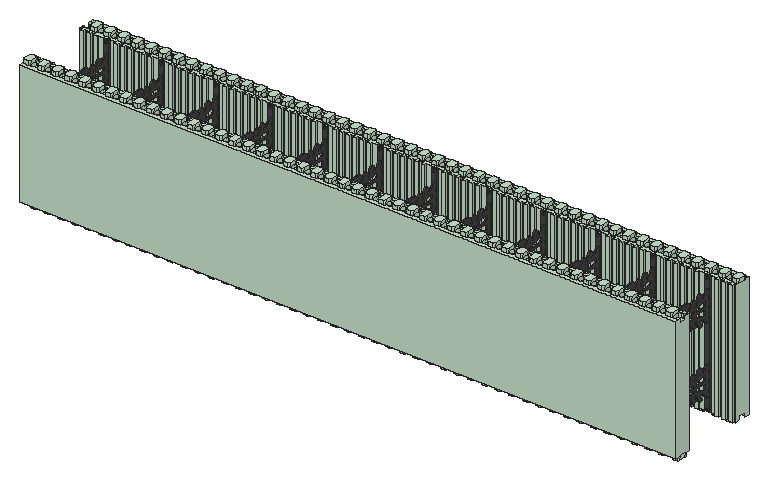
Revit family
Reference planes
  plane 1 "Center (Front/Back)": y = 0
  plane 2: z = 0
  plane 3 "Center (Left/Right)": x = 0
Forms (mm)
  Extrusion 1, solid, material "NUDURA Expanded Polystyrene Foam Insulation"
    sketch origin (0, 0.026, 0) x (1, 0, 0) y (0, 1, 0)
      loop
        line (7.142, 82.55) -> (5.558, 76.2) -> (19.842, 76.2) -> (18.258, 82.55) -> (32.542, 82.55) -> (30.958, 76.2) -> (45.242, 76.2) -> (43.658, 82.55) -> (57.942, 82.55) -> (56.358, 76.2) -> (70.642, 76.2) -> (69.058, 82.55) -> (134.142, 82.55) -> (132.558, 76.2) -> (146.842, 76.2) -> (145.258, 82.55) -> (159.542, 82.55) -> (157.958, 76.2) -> (172.242, 76.2) -> (170.658, 82.55) -> (184.942, 82.55) -> (183.358, 76.2) -> (197.642, 76.2) -> (196.058, 82.55) -> (210.342, 82.55) -> (208.758, 76.2) -> (223.042, 76.2) -> (221.458, 82.55) -> (235.742, 82.55) -> (234.158, 76.2) -> (248.442, 76.2) -> (246.858, 82.55) -> (261.142, 82.55) -> (259.558, 76.2) -> (273.842, 76.2) -> (272.258, 82.55) -> (337.342, 82.55) -> (335.758, 76.2) -> (350.042, 76.2) -> (348.458, 82.55) -> (362.742, 82.55) -> (361.158, 76.2) -> (375.442, 76.2) -> (373.858, 82.55) -> (388.142, 82.55) -> (386.558, 76.2) -> (400.842, 76.2) -> (399.258, 82.55) -> (413.542, 82.55) -> (411.958, 76.2) -> (426.242, 76.2) -> (424.658, 82.55) -> (438.942, 82.55) -> (437.358, 76.2) -> (451.642, 76.2) -> (450.058, 82.55) -> (464.342, 82.55) -> (462.758, 76.2) -> (477.042, 76.2) -> (475.458, 82.55) -> (540.542, 82.55) -> (538.958, 76.2) -> (553.242, 76.2) -> (551.658, 82.55) -> (565.942, 82.55) -> (564.358, 76.2) -> (578.642, 76.2) -> (577.058, 82.55) -> (591.342, 82.55) -> (589.758, 76.2) -> (604.042, 76.2) -> (602.458, 82.55) -> (616.742, 82.55) -> (615.158, 76.2) -> (629.442, 76.2) -> (627.858, 82.55) -> (642.142, 82.55) -> (640.558, 76.2) -> (654.842, 76.2) -> (653.258, 82.55) -> (667.542, 82.55) -> (665.958, 76.2) -> (680.242, 76.2) -> (678.658, 82.55) -> (743.742, 82.55) -> (742.158, 76.2) -> (756.442, 76.2) -> (754.858, 82.55) -> (769.142, 82.55) -> (767.558, 76.2) -> (781.842, 76.2) -> (780.258, 82.55) -> (794.542, 82.55) -> (792.958, 76.2) -> (807.242, 76.2) -> (805.658, 82.55) -> (819.942, 82.55) -> (818.358, 76.2) -> (832.642, 76.2) -> (831.058, 82.55) -> (845.342, 82.55) -> (843.758, 76.2) -> (858.042, 76.2) -> (856.458, 82.55) -> (870.742, 82.55) -> (869.158, 76.2) -> (883.442, 76.2) -> (881.858, 82.55) -> (946.942, 82.55) -> (945.358, 76.2) -> (959.642, 76.2) -> (958.058, 82.55) -> (972.342, 82.55) -> (970.758, 76.2) -> (985.042, 76.2) -> (983.458, 82.55) -> (997.742, 82.55) -> (996.158, 76.2) -> (1010.442, 76.2) -> (1008.858, 82.55) -> (1023.142, 82.55) -> (1021.558, 76.2) -> (1035.842, 76.2) -> (1034.258, 82.55) -> (1048.542, 82.55) -> (1046.958, 76.2) -> (1061.242, 76.2) -> (1059.658, 82.55) -> (1073.942, 82.55) -> (1072.358, 76.2) -> (1086.642, 76.2) -> (1085.058, 82.55) -> (1150.142, 82.55) -> (1148.558, 76.2) -> (1162.842, 76.2) -> (1161.258, 82.55) -> (1175.542, 82.55) -> (1173.958, 76.2) -> (1188.242, 76.2) -> (1186.658, 82.55) -> (1200.942, 82.55) -> (1199.358, 76.2) -> (1213.642, 76.2) -> (1212.058, 82.55) -> (1226.342, 82.55) -> (1224.758, 76.2) -> (1239.042, 76.2) -> (1237.458, 82.55) -> (1251.742, 82.55) -> (1250.158, 76.2) -> (1264.442, 76.2) -> (1262.858, 82.55) -> (1277.142, 82.55) -> (1275.558, 76.2) -> (1289.842, 76.2) -> (1288.258, 82.55) -> (1353.342, 82.55) -> (1351.758, 76.2) -> (1366.042, 76.2) -> (1364.458, 82.55) -> (1378.742, 82.55) -> (1377.158, 76.2) -> (1391.442, 76.2) -> (1389.858, 82.55) -> (1404.142, 82.55) -> (1402.558, 76.2) -> (1416.842, 76.2) -> (1415.258, 82.55) -> (1429.542, 82.55) -> (1427.958, 76.2) -> (1442.242, 76.2) -> (1440.658, 82.55) -> (1454.942, 82.55) -> (1453.358, 76.2) -> (1467.642, 76.2) -> (1466.058, 82.55) -> (1480.342, 82.55) -> (1478.758, 76.2) -> (1493.042, 76.2) -> (1491.458, 82.55) -> (1556.542, 82.55) -> (1554.958, 76.2) -> (1569.242, 76.2) -> (1567.658, 82.55) -> (1581.942, 82.55) -> (1580.358, 76.2) -> (1594.642, 76.2) -> (1593.058, 82.55) -> (1607.342, 82.55) -> (1605.758, 76.2) -> (1620.042, 76.2) -> (1618.458, 82.55) -> (1632.742, 82.55) -> (1631.158, 76.2) -> (1645.442, 76.2) -> (1643.858, 82.55) -> (1658.142, 82.55) -> (1656.558, 76.2) -> (1670.842, 76.2) -> (1669.258, 82.55) -> (1683.542, 82.55) -> (1681.958, 76.2) -> (1696.242, 76.2) -> (1694.658, 82.55) -> (1759.742, 82.55) -> (1758.158, 76.2) -> (1772.442, 76.2) -> (1770.858, 82.55) -> (1785.142, 82.55) -> (1783.558, 76.2) -> (1797.842, 76.2) -> (1796.258, 82.55) -> (1810.542, 82.55) -> (1808.958, 76.2) -> (1823.242, 76.2) -> (1821.658, 82.55) -> (1835.942, 82.55) -> (1834.358, 76.2) -> (1848.642, 76.2) -> (1847.058, 82.55) -> (1861.342, 82.55) -> (1859.758, 76.2) -> (1874.042, 76.2) -> (1872.458, 82.55) -> (1886.742, 82.55) -> (1885.158, 76.2) -> (1899.442, 76.2) -> (1897.858, 82.55) -> (1962.942, 82.55) -> (1961.358, 76.2) -> (1975.642, 76.2) -> (1974.058, 82.55) -> (1988.342, 82.55) -> (1986.758, 76.2) -> (2001.042, 76.2) -> (1999.458, 82.55) -> (2013.742, 82.55) -> (2012.158, 76.2) -> (2026.442, 76.2) -> (2024.858, 82.55) -> (2039.142, 82.55) -> (2037.558, 76.2) -> (2051.842, 76.2) -> (2050.258, 82.55) -> (2064.542, 82.55) -> (2062.958, 76.2) -> (2077.242, 76.2) -> (2075.658, 82.55) -> (2089.942, 82.55) -> (2088.358, 76.2) -> (2102.642, 76.2) -> (2101.058, 82.55) -> (2166.142, 82.55) -> (2164.558, 76.2) -> (2178.842, 76.2) -> (2177.258, 82.55) -> (2191.542, 82.55) -> (2189.958, 76.2) -> (2204.242, 76.2) -> (2202.658, 82.55) -> (2216.942, 82.55) -> (2215.358, 76.2) -> (2229.642, 76.2) -> (2228.058, 82.55) -> (2242.342, 82.55) -> (2240.758, 76.2) -> (2255.042, 76.2) -> (2253.458, 82.55) -> (2267.742, 82.55) -> (2266.158, 76.2) -> (2280.442, 76.2) -> (2278.858, 82.55) -> (2293.142, 82.55) -> (2291.558, 76.2) -> (2305.842, 76.2) -> (2304.258, 82.55) -> (2369.342, 82.55) -> (2367.758, 76.2) -> (2382.042, 76.2) -> (2380.458, 82.55) -> (2394.742, 82.55) -> (2393.158, 76.2) -> (2407.442, 76.2) -> (2405.858, 82.55) -> (2420.142, 82.55) -> (2418.558, 76.2) -> (2432.842, 76.2) -> (2431.258, 82.55) -> (2438.4, 82.55) -> (2438.4, 142.875) -> (0, 142.875) -> (0, 82.55) -> (7.142, 82.55)
      loop
        line (7.142, -133.35) -> (0, -133.35) -> (0, -193.675) -> (2438.4, -193.675) -> (2438.4, -133.35) -> (2431.258, -133.35) -> (2432.842, -127) -> (2418.558, -127) -> (2420.142, -133.35) -> (2405.858, -133.35) -> (2407.442, -127) -> (2393.158, -127) -> (2394.742, -133.35) -> (2380.458, -133.35) -> (2382.042, -127) -> (2367.758, -127) -> (2369.342, -133.35) -> (2304.258, -133.35) -> (2305.842, -127) -> (2291.558, -127) -> (2293.142, -133.35) -> (2278.858, -133.35) -> (2280.442, -127) -> (2266.158, -127) -> (2267.742, -133.35) -> (2253.458, -133.35) -> (2255.042, -127) -> (2240.758, -127) -> (2242.342, -133.35) -> (2228.058, -133.35) -> (2229.642, -127) -> (2215.358, -127) -> (2216.942, -133.35) -> (2202.658, -133.35) -> (2204.242, -127) -> (2189.958, -127) -> (2191.542, -133.35) -> (2177.258, -133.35) -> (2178.842, -127) -> (2164.558, -127) -> (2166.142, -133.35) -> (2101.058, -133.35) -> (2102.642, -127) -> (2088.358, -127) -> (2089.942, -133.35) -> (2075.658, -133.35) -> (2077.242, -127) -> (2062.958, -127) -> (2064.542, -133.35) -> (2050.258, -133.35) -> (2051.842, -127) -> (2037.558, -127) -> (2039.142, -133.35) -> (2024.858, -133.35) -> (2026.442, -127) -> (2012.158, -127) -> (2013.742, -133.35) -> (1999.458, -133.35) -> (2001.042, -127) -> (1986.758, -127) -> (1988.342, -133.35) -> (1974.058, -133.35) -> (1975.642, -127) -> (1961.358, -127) -> (1962.942, -133.35) -> (1897.858, -133.35) -> (1899.442, -127) -> (1885.158, -127) -> (1886.742, -133.35) -> (1872.458, -133.35) -> (1874.042, -127) -> (1859.758, -127) -> (1861.342, -133.35) -> (1847.058, -133.35) -> (1848.642, -127) -> (1834.358, -127) -> (1835.942, -133.35) -> (1821.658, -133.35) -> (1823.242, -127) -> (1808.958, -127) -> (1810.542, -133.35) -> (1796.258, -133.35) -> (1797.842, -127) -> (1783.558, -127) -> (1785.142, -133.35) -> (1770.858, -133.35) -> (1772.442, -127) -> (1758.158, -127) -> (1759.742, -133.35) -> (1694.658, -133.35) -> (1696.242, -127) -> (1681.958, -127) -> (1683.542, -133.35) -> (1669.258, -133.35) -> (1670.842, -127) -> (1656.558, -127) -> (1658.142, -133.35) -> (1643.858, -133.35) -> (1645.442, -127) -> (1631.158, -127) -> (1632.742, -133.35) -> (1618.458, -133.35) -> (1620.042, -127) -> (1605.758, -127) -> (1607.342, -133.35) -> (1593.058, -133.35) -> (1594.642, -127) -> (1580.358, -127) -> (1581.942, -133.35) -> (1567.658, -133.35) -> (1569.242, -127) -> (1554.958, -127) -> (1556.542, -133.35) -> (1491.458, -133.35) -> (1493.042, -127) -> (1478.758, -127) -> (1480.342, -133.35) -> (1466.058, -133.35) -> (1467.642, -127) -> (1453.358, -127) -> (1454.942, -133.35) -> (1440.658, -133.35) -> (1442.242, -127) -> (1427.958, -127) -> (1429.542, -133.35) -> (1415.258, -133.35) -> (1416.842, -127) -> (1402.558, -127) -> (1404.142, -133.35) -> (1389.858, -133.35) -> (1391.442, -127) -> (1377.158, -127) -> (1378.742, -133.35) -> (1364.458, -133.35) -> (1366.042, -127) -> (1351.758, -127) -> (1353.342, -133.35) -> (1288.258, -133.35) -> (1289.842, -127) -> (1275.558, -127) -> (1277.142, -133.35) -> (1262.858, -133.35) -> (1264.442, -127) -> (1250.158, -127) -> (1251.742, -133.35) -> (1237.458, -133.35) -> (1239.042, -127) -> (1224.758, -127) -> (1226.342, -133.35) -> (1212.058, -133.35) -> (1213.642, -127) -> (1199.358, -127) -> (1200.942, -133.35) -> (1186.658, -133.35) -> (1188.242, -127) -> (1173.958, -127) -> (1175.542, -133.35) -> (1161.258, -133.35) -> (1162.842, -127) -> (1148.558, -127) -> (1150.142, -133.35) -> (1085.058, -133.35) -> (1086.642, -127) -> (1072.358, -127) -> (1073.942, -133.35) -> (1059.658, -133.35) -> (1061.242, -127) -> (1046.958, -127) -> (1048.542, -133.35) -> (1034.258, -133.35) -> (1035.842, -127) -> (1021.558, -127) -> (1023.142, -133.35) -> (1008.858, -133.35) -> (1010.442, -127) -> (996.158, -127) -> (997.742, -133.35) -> (983.458, -133.35) -> (985.042, -127) -> (970.758, -127) -> (972.342, -133.35) -> (958.058, -133.35) -> (959.642, -127) -> (945.358, -127) -> (946.942, -133.35) -> (881.858, -133.35) -> (883.442, -127) -> (869.158, -127) -> (870.742, -133.35) -> (856.458, -133.35) -> (858.042, -127) -> (843.758, -127) -> (845.342, -133.35) -> (831.058, -133.35) -> (832.642, -127) -> (818.358, -127) -> (819.942, -133.35) -> (805.658, -133.35) -> (807.242, -127) -> (792.958, -127) -> (794.542, -133.35) -> (780.258, -133.35) -> (781.842, -127) -> (767.558, -127) -> (769.142, -133.35) -> (754.858, -133.35) -> (756.442, -127) -> (742.158, -127) -> (743.742, -133.35) -> (678.658, -133.35) -> (680.242, -127) -> (665.958, -127) -> (667.542, -133.35) -> (653.258, -133.35) -> (654.842, -127) -> (640.558, -127) -> (642.142, -133.35) -> (627.858, -133.35) -> (629.442, -127) -> (615.158, -127) -> (616.742, -133.35) -> (602.458, -133.35) -> (604.042, -127) -> (589.758, -127) -> (591.342, -133.35) -> (577.058, -133.35) -> (578.642, -127) -> (564.358, -127) -> (565.942, -133.35) -> (551.658, -133.35) -> (553.242, -127) -> (538.958, -127) -> (540.542, -133.35) -> (475.458, -133.35) -> (477.042, -127) -> (462.758, -127) -> (464.342, -133.35) -> (450.058, -133.35) -> (451.642, -127) -> (437.358, -127) -> (438.942, -133.35) -> (424.658, -133.35) -> (426.242, -127) -> (411.958, -127) -> (413.542, -133.35) -> (399.258, -133.35) -> (400.842, -127) -> (386.558, -127) -> (388.142, -133.35) -> (373.858, -133.35) -> (375.442, -127) -> (361.158, -127) -> (362.742, -133.35) -> (348.458, -133.35) -> (350.042, -127) -> (335.758, -127) -> (337.342, -133.35) -> (272.258, -133.35) -> (273.842, -127) -> (259.558, -127) -> (261.142, -133.35) -> (246.858, -133.35) -> (248.442, -127) -> (234.158, -127) -> (235.742, -133.35) -> (221.458, -133.35) -> (223.042, -127) -> (208.758, -127) -> (210.342, -133.35) -> (196.058, -133.35) -> (197.642, -127) -> (183.358, -127) -> (184.942, -133.35) -> (170.658, -133.35) -> (172.242, -127) -> (157.958, -127) -> (159.542, -133.35) -> (145.258, -133.35) -> (146.842, -127) -> (132.558, -127) -> (134.142, -133.35) -> (69.058, -133.35) -> (70.642, -127) -> (56.358, -127) -> (57.942, -133.35) -> (43.658, -133.35) -> (45.242, -127) -> (30.958, -127) -> (32.542, -133.35) -> (18.258, -133.35) -> (19.842, -127) -> (5.558, -127) -> (7.142, -133.35)
    from 0 to 457.2
  Extrusion 2, void
    sketch origin (0, 0.026, 0) x (1, 0, 0) y (0, 1, 0)
      loop
        arc (25.4, -175.211) -> (26.615, -178.947) -> (29.796, -181.253) r 6.35
        arc (29.796, -181.253) -> (38.1, -182.563) -> (46.404, -181.253) r 26.987
        arc (46.404, -181.253) -> (49.585, -178.947) -> (50.8, -175.211) r 6.35
        line (50.8, -175.211) -> (50.8, -151.814)
        arc (50.8, -151.814) -> (50.362, -149.496) -> (49.108, -147.498) r 6.35
        arc (49.108, -147.498) -> (48.795, -146.999) -> (48.685, -146.42) r 1.588
        line (48.685, -146.42) -> (48.685, -137.629) -> (44.346, -137.629) -> (44.346, -143.257)
        arc (44.346, -143.257) -> (43.786, -144.468) -> (42.5, -144.824) r 1.587
        arc (42.5, -144.824) -> (36.091, -144.537) -> (29.796, -145.772) r 26.988
        arc (29.796, -145.772) -> (26.615, -148.078) -> (25.4, -151.814) r 6.35
        line (25.4, -151.814) -> (25.4, -175.211)
    from 457.2 to 444.5
  Extrusion 3, void
    sketch origin (50.8, 0.026, 0) x (1, 0, 0) y (0, 1, 0)
      loop
        arc (25.4, -175.211) -> (26.615, -178.947) -> (29.796, -181.253) r 6.35
        arc (29.796, -181.253) -> (38.1, -182.563) -> (46.404, -181.253) r 26.987
        arc (46.404, -181.253) -> (49.585, -178.947) -> (50.8, -175.211) r 6.35
        line (50.8, -175.211) -> (50.8, -151.814)
        arc (50.8, -151.814) -> (50.362, -149.496) -> (49.108, -147.498) r 6.35
        arc (49.108, -147.498) -> (48.795, -146.999) -> (48.685, -146.42) r 1.588
        line (48.685, -146.42) -> (48.685, -137.629) -> (44.346, -137.629) -> (44.346, -143.257)
        arc (44.346, -143.257) -> (43.786, -144.468) -> (42.5, -144.824) r 1.587
        arc (42.5, -144.824) -> (36.091, -144.537) -> (29.796, -145.772) r 26.988
        arc (29.796, -145.772) -> (26.615, -148.078) -> (25.4, -151.814) r 6.35
        line (25.4, -151.814) -> (25.4, -175.211)
    from 457.2 to 444.5
  Extrusion 4, void
    sketch origin (101.6, 0.026, 0) x (1, 0, 0) y (0, 1, 0)
      loop
        arc (25.4, -175.211) -> (26.615, -178.947) -> (29.796, -181.253) r 6.35
        arc (29.796, -181.253) -> (38.1, -182.563) -> (46.404, -181.253) r 26.987
        arc (46.404, -181.253) -> (49.585, -178.947) -> (50.8, -175.211) r 6.35
        line (50.8, -175.211) -> (50.8, -151.814)
        arc (50.8, -151.814) -> (50.362, -149.496) -> (49.108, -147.498) r 6.35
        arc (49.108, -147.498) -> (48.795, -146.999) -> (48.685, -146.42) r 1.588
        line (48.685, -146.42) -> (48.685, -137.629) -> (44.346, -137.629) -> (44.346, -143.257)
        arc (44.346, -143.257) -> (43.786, -144.468) -> (42.5, -144.824) r 1.587
        arc (42.5, -144.824) -> (36.091, -144.537) -> (29.796, -145.772) r 26.988
        arc (29.796, -145.772) -> (26.615, -148.078) -> (25.4, -151.814) r 6.35
        line (25.4, -151.814) -> (25.4, -175.211)
    from 457.2 to 444.5
  Extrusion 5, void
    sketch origin (152.4, 0.026, 0) x (1, 0, 0) y (0, 1, 0)
      loop
        arc (25.4, -175.211) -> (26.615, -178.947) -> (29.796, -181.253) r 6.35
        arc (29.796, -181.253) -> (38.1, -182.563) -> (46.404, -181.253) r 26.987
        arc (46.404, -181.253) -> (49.585, -178.947) -> (50.8, -175.211) r 6.35
        line (50.8, -175.211) -> (50.8, -151.814)
        arc (50.8, -151.814) -> (50.362, -149.496) -> (49.108, -147.498) r 6.35
        arc (49.108, -147.498) -> (48.795, -146.999) -> (48.685, -146.42) r 1.588
        line (48.685, -146.42) -> (48.685, -137.629) -> (44.346, -137.629) -> (44.346, -143.257)
        arc (44.346, -143.257) -> (43.786, -144.468) -> (42.5, -144.824) r 1.587
        arc (42.5, -144.824) -> (36.091, -144.537) -> (29.796, -145.772) r 26.988
        arc (29.796, -145.772) -> (26.615, -148.078) -> (25.4, -151.814) r 6.35
        line (25.4, -151.814) -> (25.4, -175.211)
    from 457.2 to 444.5
  Extrusion 6, void
    sketch origin (203.2, 0.026, 0) x (1, 0, 0) y (0, 1, 0)
      loop
        arc (25.4, -175.211) -> (26.615, -178.947) -> (29.796, -181.253) r 6.35
        arc (29.796, -181.253) -> (38.1, -182.563) -> (46.404, -181.253) r 26.987
        arc (46.404, -181.253) -> (49.585, -178.947) -> (50.8, -175.211) r 6.35
        line (50.8, -175.211) -> (50.8, -151.814)
        arc (50.8, -151.814) -> (50.362, -149.496) -> (49.108, -147.498) r 6.35
        arc (49.108, -147.498) -> (48.795, -146.999) -> (48.685, -146.42) r 1.588
        line (48.685, -146.42) -> (48.685, -137.629) -> (44.346, -137.629) -> (44.346, -143.257)
        arc (44.346, -143.257) -> (43.786, -144.468) -> (42.5, -144.824) r 1.587
        arc (42.5, -144.824) -> (36.091, -144.537) -> (29.796, -145.772) r 26.988
        arc (29.796, -145.772) -> (26.615, -148.078) -> (25.4, -151.814) r 6.35
        line (25.4, -151.814) -> (25.4, -175.211)
    from 457.2 to 444.5
  Extrusion 7, void
    sketch origin (254, 0.026, 0) x (1, 0, 0) y (0, 1, 0)
      loop
        arc (25.4, -175.211) -> (26.615, -178.947) -> (29.796, -181.253) r 6.35
        arc (29.796, -181.253) -> (38.1, -182.563) -> (46.404, -181.253) r 26.987
        arc (46.404, -181.253) -> (49.585, -178.947) -> (50.8, -175.211) r 6.35
        line (50.8, -175.211) -> (50.8, -151.814)
        arc (50.8, -151.814) -> (50.362, -149.496) -> (49.108, -147.498) r 6.35
        arc (49.108, -147.498) -> (48.795, -146.999) -> (48.685, -146.42) r 1.588
        line (48.685, -146.42) -> (48.685, -137.629) -> (44.346, -137.629) -> (44.346, -143.257)
        arc (44.346, -143.257) -> (43.786, -144.468) -> (42.5, -144.824) r 1.587
        arc (42.5, -144.824) -> (36.091, -144.537) -> (29.796, -145.772) r 26.988
        arc (29.796, -145.772) -> (26.615, -148.078) -> (25.4, -151.814) r 6.35
        line (25.4, -151.814) -> (25.4, -175.211)
    from 457.2 to 444.5
  Extrusion 8, void
    sketch origin (304.8, 0.026, 0) x (1, 0, 0) y (0, 1, 0)
      loop
        arc (25.4, -175.211) -> (26.615, -178.947) -> (29.796, -181.253) r 6.35
        arc (29.796, -181.253) -> (38.1, -182.563) -> (46.404, -181.253) r 26.987
        arc (46.404, -181.253) -> (49.585, -178.947) -> (50.8, -175.211) r 6.35
        line (50.8, -175.211) -> (50.8, -151.814)
        arc (50.8, -151.814) -> (50.362, -149.496) -> (49.108, -147.498) r 6.35
        arc (49.108, -147.498) -> (48.795, -146.999) -> (48.685, -146.42) r 1.588
        line (48.685, -146.42) -> (48.685, -137.629) -> (44.346, -137.629) -> (44.346, -143.257)
        arc (44.346, -143.257) -> (43.786, -144.468) -> (42.5, -144.824) r 1.587
        arc (42.5, -144.824) -> (36.091, -144.537) -> (29.796, -145.772) r 26.988
        arc (29.796, -145.772) -> (26.615, -148.078) -> (25.4, -151.814) r 6.35
        line (25.4, -151.814) -> (25.4, -175.211)
    from 457.2 to 444.5
  Extrusion 9, void
    sketch origin (355.6, 0.026, 0) x (1, 0, 0) y (0, 1, 0)
      loop
        arc (25.4, -175.211) -> (26.615, -178.947) -> (29.796, -181.253) r 6.35
        arc (29.796, -181.253) -> (38.1, -182.563) -> (46.404, -181.253) r 26.987
        arc (46.404, -181.253) -> (49.585, -178.947) -> (50.8, -175.211) r 6.35
        line (50.8, -175.211) -> (50.8, -151.814)
        arc (50.8, -151.814) -> (50.362, -149.496) -> (49.108, -147.498) r 6.35
        arc (49.108, -147.498) -> (48.795, -146.999) -> (48.685, -146.42) r 1.588
        line (48.685, -146.42) -> (48.685, -137.629) -> (44.346, -137.629) -> (44.346, -143.257)
        arc (44.346, -143.257) -> (43.786, -144.468) -> (42.5, -144.824) r 1.587
        arc (42.5, -144.824) -> (36.091, -144.537) -> (29.796, -145.772) r 26.988
        arc (29.796, -145.772) -> (26.615, -148.078) -> (25.4, -151.814) r 6.35
        line (25.4, -151.814) -> (25.4, -175.211)
    from 457.2 to 444.5
  Extrusion 10, void
    sketch origin (406.4, 0.026, 0) x (1, 0, 0) y (0, 1, 0)
      loop
        arc (25.4, -175.211) -> (26.615, -178.947) -> (29.796, -181.253) r 6.35
        arc (29.796, -181.253) -> (38.1, -182.563) -> (46.404, -181.253) r 26.987
        arc (46.404, -181.253) -> (49.585, -178.947) -> (50.8, -175.211) r 6.35
        line (50.8, -175.211) -> (50.8, -151.814)
        arc (50.8, -151.814) -> (50.362, -149.496) -> (49.108, -147.498) r 6.35
        arc (49.108, -147.498) -> (48.795, -146.999) -> (48.685, -146.42) r 1.588
        line (48.685, -146.42) -> (48.685, -137.629) -> (44.346, -137.629) -> (44.346, -143.257)
        arc (44.346, -143.257) -> (43.786, -144.468) -> (42.5, -144.824) r 1.587
        arc (42.5, -144.824) -> (36.091, -144.537) -> (29.796, -145.772) r 26.988
        arc (29.796, -145.772) -> (26.615, -148.078) -> (25.4, -151.814) r 6.35
        line (25.4, -151.814) -> (25.4, -175.211)
    from 457.2 to 444.5
  Extrusion 11, void
    sketch origin (457.2, 0.026, 0) x (1, 0, 0) y (0, 1, 0)
      loop
        arc (25.4, -175.211) -> (26.615, -178.947) -> (29.796, -181.253) r 6.35
        arc (29.796, -181.253) -> (38.1, -182.563) -> (46.404, -181.253) r 26.987
        arc (46.404, -181.253) -> (49.585, -178.947) -> (50.8, -175.211) r 6.35
        line (50.8, -175.211) -> (50.8, -151.814)
        arc (50.8, -151.814) -> (50.362, -149.496) -> (49.108, -147.498) r 6.35
        arc (49.108, -147.498) -> (48.795, -146.999) -> (48.685, -146.42) r 1.588
        line (48.685, -146.42) -> (48.685, -137.629) -> (44.346, -137.629) -> (44.346, -143.257)
        arc (44.346, -143.257) -> (43.786, -144.468) -> (42.5, -144.824) r 1.587
        arc (42.5, -144.824) -> (36.091, -144.537) -> (29.796, -145.772) r 26.988
        arc (29.796, -145.772) -> (26.615, -148.078) -> (25.4, -151.814) r 6.35
        line (25.4, -151.814) -> (25.4, -175.211)
    from 457.2 to 444.5
  Extrusion 12, void
    sketch origin (508, 0.026, 0) x (1, 0, 0) y (0, 1, 0)
      loop
        arc (25.4, -175.211) -> (26.615, -178.947) -> (29.796, -181.253) r 6.35
        arc (29.796, -181.253) -> (38.1, -182.563) -> (46.404, -181.253) r 26.987
        arc (46.404, -181.253) -> (49.585, -178.947) -> (50.8, -175.211) r 6.35
        line (50.8, -175.211) -> (50.8, -151.814)
        arc (50.8, -151.814) -> (50.362, -149.496) -> (49.108, -147.498) r 6.35
        arc (49.108, -147.498) -> (48.795, -146.999) -> (48.685, -146.42) r 1.588
        line (48.685, -146.42) -> (48.685, -137.629) -> (44.346, -137.629) -> (44.346, -143.257)
        arc (44.346, -143.257) -> (43.786, -144.468) -> (42.5, -144.824) r 1.587
        arc (42.5, -144.824) -> (36.091, -144.537) -> (29.796, -145.772) r 26.988
        arc (29.796, -145.772) -> (26.615, -148.078) -> (25.4, -151.814) r 6.35
        line (25.4, -151.814) -> (25.4, -175.211)
    from 457.2 to 444.5
  Extrusion 13, void
    sketch origin (558.8, 0.026, 0) x (1, 0, 0) y (0, 1, 0)
      loop
        arc (25.4, -175.211) -> (26.615, -178.947) -> (29.796, -181.253) r 6.35
        arc (29.796, -181.253) -> (38.1, -182.563) -> (46.404, -181.253) r 26.987
        arc (46.404, -181.253) -> (49.585, -178.947) -> (50.8, -175.211) r 6.35
        line (50.8, -175.211) -> (50.8, -151.814)
        arc (50.8, -151.814) -> (50.362, -149.496) -> (49.108, -147.498) r 6.35
        arc (49.108, -147.498) -> (48.795, -146.999) -> (48.685, -146.42) r 1.588
        line (48.685, -146.42) -> (48.685, -137.629) -> (44.346, -137.629) -> (44.346, -143.257)
        arc (44.346, -143.257) -> (43.786, -144.468) -> (42.5, -144.824) r 1.587
        arc (42.5, -144.824) -> (36.091, -144.537) -> (29.796, -145.772) r 26.988
        arc (29.796, -145.772) -> (26.615, -148.078) -> (25.4, -151.814) r 6.35
        line (25.4, -151.814) -> (25.4, -175.211)
    from 457.2 to 444.5
  Extrusion 14, void
    sketch origin (609.6, 0.026, 0) x (1, 0, 0) y (0, 1, 0)
      loop
        arc (25.4, -175.211) -> (26.615, -178.947) -> (29.796, -181.253) r 6.35
        arc (29.796, -181.253) -> (38.1, -182.563) -> (46.404, -181.253) r 26.987
        arc (46.404, -181.253) -> (49.585, -178.947) -> (50.8, -175.211) r 6.35
        line (50.8, -175.211) -> (50.8, -151.814)
        arc (50.8, -151.814) -> (50.362, -149.496) -> (49.108, -147.498) r 6.35
        arc (49.108, -147.498) -> (48.795, -146.999) -> (48.685, -146.42) r 1.588
        line (48.685, -146.42) -> (48.685, -137.629) -> (44.346, -137.629) -> (44.346, -143.257)
        arc (44.346, -143.257) -> (43.786, -144.468) -> (42.5, -144.824) r 1.587
        arc (42.5, -144.824) -> (36.091, -144.537) -> (29.796, -145.772) r 26.988
        arc (29.796, -145.772) -> (26.615, -148.078) -> (25.4, -151.814) r 6.35
        line (25.4, -151.814) -> (25.4, -175.211)
    from 457.2 to 444.5
  Extrusion 15, void
    sketch origin (660.4, 0.026, 0) x (1, 0, 0) y (0, 1, 0)
      loop
        arc (25.4, -175.211) -> (26.615, -178.947) -> (29.796, -181.253) r 6.35
        arc (29.796, -181.253) -> (38.1, -182.563) -> (46.404, -181.253) r 26.987
        arc (46.404, -181.253) -> (49.585, -178.947) -> (50.8, -175.211) r 6.35
        line (50.8, -175.211) -> (50.8, -151.814)
        arc (50.8, -151.814) -> (50.362, -149.496) -> (49.108, -147.498) r 6.35
        arc (49.108, -147.498) -> (48.795, -146.999) -> (48.685, -146.42) r 1.588
        line (48.685, -146.42) -> (48.685, -137.629) -> (44.346, -137.629) -> (44.346, -143.257)
        arc (44.346, -143.257) -> (43.786, -144.468) -> (42.5, -144.824) r 1.587
        arc (42.5, -144.824) -> (36.091, -144.537) -> (29.796, -145.772) r 26.988
        arc (29.796, -145.772) -> (26.615, -148.078) -> (25.4, -151.814) r 6.35
        line (25.4, -151.814) -> (25.4, -175.211)
    from 457.2 to 444.5
  Extrusion 16, void
    sketch origin (711.2, 0.026, 0) x (1, 0, 0) y (0, 1, 0)
      loop
        arc (25.4, -175.211) -> (26.615, -178.947) -> (29.796, -181.253) r 6.35
        arc (29.796, -181.253) -> (38.1, -182.563) -> (46.404, -181.253) r 26.987
        arc (46.404, -181.253) -> (49.585, -178.947) -> (50.8, -175.211) r 6.35
        line (50.8, -175.211) -> (50.8, -151.814)
        arc (50.8, -151.814) -> (50.362, -149.496) -> (49.108, -147.498) r 6.35
        arc (49.108, -147.498) -> (48.795, -146.999) -> (48.685, -146.42) r 1.588
        line (48.685, -146.42) -> (48.685, -137.629) -> (44.346, -137.629) -> (44.346, -143.257)
        arc (44.346, -143.257) -> (43.786, -144.468) -> (42.5, -144.824) r 1.587
        arc (42.5, -144.824) -> (36.091, -144.537) -> (29.796, -145.772) r 26.988
        arc (29.796, -145.772) -> (26.615, -148.078) -> (25.4, -151.814) r 6.35
        line (25.4, -151.814) -> (25.4, -175.211)
    from 457.2 to 444.5
  Extrusion 17, void
    sketch origin (762, 0.026, 0) x (1, 0, 0) y (0, 1, 0)
      loop
        arc (25.4, -175.211) -> (26.615, -178.947) -> (29.796, -181.253) r 6.35
        arc (29.796, -181.253) -> (38.1, -182.563) -> (46.404, -181.253) r 26.987
        arc (46.404, -181.253) -> (49.585, -178.947) -> (50.8, -175.211) r 6.35
        line (50.8, -175.211) -> (50.8, -151.814)
        arc (50.8, -151.814) -> (50.362, -149.496) -> (49.108, -147.498) r 6.35
        arc (49.108, -147.498) -> (48.795, -146.999) -> (48.685, -146.42) r 1.588
        line (48.685, -146.42) -> (48.685, -137.629) -> (44.346, -137.629) -> (44.346, -143.257)
        arc (44.346, -143.257) -> (43.786, -144.468) -> (42.5, -144.824) r 1.587
        arc (42.5, -144.824) -> (36.091, -144.537) -> (29.796, -145.772) r 26.988
        arc (29.796, -145.772) -> (26.615, -148.078) -> (25.4, -151.814) r 6.35
        line (25.4, -151.814) -> (25.4, -175.211)
    from 457.2 to 444.5
  Extrusion 18, void
    sketch origin (812.8, 0.026, 0) x (1, 0, 0) y (0, 1, 0)
      loop
        arc (25.4, -175.211) -> (26.615, -178.947) -> (29.796, -181.253) r 6.35
        arc (29.796, -181.253) -> (38.1, -182.563) -> (46.404, -181.253) r 26.987
        arc (46.404, -181.253) -> (49.585, -178.947) -> (50.8, -175.211) r 6.35
        line (50.8, -175.211) -> (50.8, -151.814)
        arc (50.8, -151.814) -> (50.362, -149.496) -> (49.108, -147.498) r 6.35
        arc (49.108, -147.498) -> (48.795, -146.999) -> (48.685, -146.42) r 1.588
        line (48.685, -146.42) -> (48.685, -137.629) -> (44.346, -137.629) -> (44.346, -143.257)
        arc (44.346, -143.257) -> (43.786, -144.468) -> (42.5, -144.824) r 1.587
        arc (42.5, -144.824) -> (36.091, -144.537) -> (29.796, -145.772) r 26.988
        arc (29.796, -145.772) -> (26.615, -148.078) -> (25.4, -151.814) r 6.35
        line (25.4, -151.814) -> (25.4, -175.211)
    from 457.2 to 444.5
  Extrusion 19, void
    sketch origin (863.6, 0.026, 0) x (1, 0, 0) y (0, 1, 0)
      loop
        arc (25.4, -175.211) -> (26.615, -178.947) -> (29.796, -181.253) r 6.35
        arc (29.796, -181.253) -> (38.1, -182.563) -> (46.404, -181.253) r 26.987
        arc (46.404, -181.253) -> (49.585, -178.947) -> (50.8, -175.211) r 6.35
        line (50.8, -175.211) -> (50.8, -151.814)
        arc (50.8, -151.814) -> (50.362, -149.496) -> (49.108, -147.498) r 6.35
        arc (49.108, -147.498) -> (48.795, -146.999) -> (48.685, -146.42) r 1.588
        line (48.685, -146.42) -> (48.685, -137.629) -> (44.346, -137.629) -> (44.346, -143.257)
        arc (44.346, -143.257) -> (43.786, -144.468) -> (42.5, -144.824) r 1.587
        arc (42.5, -144.824) -> (36.091, -144.537) -> (29.796, -145.772) r 26.988
        arc (29.796, -145.772) -> (26.615, -148.078) -> (25.4, -151.814) r 6.35
        line (25.4, -151.814) -> (25.4, -175.211)
    from 457.2 to 444.5
  Extrusion 20, void
    sketch origin (914.4, 0.026, 0) x (1, 0, 0) y (0, 1, 0)
      loop
        arc (25.4, -175.211) -> (26.615, -178.947) -> (29.796, -181.253) r 6.35
        arc (29.796, -181.253) -> (38.1, -182.563) -> (46.404, -181.253) r 26.987
        arc (46.404, -181.253) -> (49.585, -178.947) -> (50.8, -175.211) r 6.35
        line (50.8, -175.211) -> (50.8, -151.814)
        arc (50.8, -151.814) -> (50.362, -149.496) -> (49.108, -147.498) r 6.35
        arc (49.108, -147.498) -> (48.795, -146.999) -> (48.685, -146.42) r 1.588
        line (48.685, -146.42) -> (48.685, -137.629) -> (44.346, -137.629) -> (44.346, -143.257)
        arc (44.346, -143.257) -> (43.786, -144.468) -> (42.5, -144.824) r 1.587
        arc (42.5, -144.824) -> (36.091, -144.537) -> (29.796, -145.772) r 26.988
        arc (29.796, -145.772) -> (26.615, -148.078) -> (25.4, -151.814) r 6.35
        line (25.4, -151.814) -> (25.4, -175.211)
    from 457.2 to 444.5
  Extrusion 21, void
    sketch origin (965.2, 0.026, 0) x (1, 0, 0) y (0, 1, 0)
      loop
        arc (25.4, -175.211) -> (26.615, -178.947) -> (29.796, -181.253) r 6.35
        arc (29.796, -181.253) -> (38.1, -182.563) -> (46.404, -181.253) r 26.987
        arc (46.404, -181.253) -> (49.585, -178.947) -> (50.8, -175.211) r 6.35
        line (50.8, -175.211) -> (50.8, -151.814)
        arc (50.8, -151.814) -> (50.362, -149.496) -> (49.108, -147.498) r 6.35
        arc (49.108, -147.498) -> (48.795, -146.999) -> (48.685, -146.42) r 1.588
        line (48.685, -146.42) -> (48.685, -137.629) -> (44.346, -137.629) -> (44.346, -143.257)
        arc (44.346, -143.257) -> (43.786, -144.468) -> (42.5, -144.824) r 1.587
        arc (42.5, -144.824) -> (36.091, -144.537) -> (29.796, -145.772) r 26.988
        arc (29.796, -145.772) -> (26.615, -148.078) -> (25.4, -151.814) r 6.35
        line (25.4, -151.814) -> (25.4, -175.211)
    from 457.2 to 444.5
  Extrusion 22, void
    sketch origin (1016, 0.026, 0) x (1, 0, 0) y (0, 1, 0)
      loop
        arc (25.4, -175.211) -> (26.615, -178.947) -> (29.796, -181.253) r 6.35
        arc (29.796, -181.253) -> (38.1, -182.563) -> (46.404, -181.253) r 26.987
        arc (46.404, -181.253) -> (49.585, -178.947) -> (50.8, -175.211) r 6.35
        line (50.8, -175.211) -> (50.8, -151.814)
        arc (50.8, -151.814) -> (50.362, -149.496) -> (49.108, -147.498) r 6.35
        arc (49.108, -147.498) -> (48.795, -146.999) -> (48.685, -146.42) r 1.588
        line (48.685, -146.42) -> (48.685, -137.629) -> (44.346, -137.629) -> (44.346, -143.257)
        arc (44.346, -143.257) -> (43.786, -144.468) -> (42.5, -144.824) r 1.587
        arc (42.5, -144.824) -> (36.091, -144.537) -> (29.796, -145.772) r 26.988
        arc (29.796, -145.772) -> (26.615, -148.078) -> (25.4, -151.814) r 6.35
        line (25.4, -151.814) -> (25.4, -175.211)
    from 457.2 to 444.5
  Extrusion 23, void
    sketch origin (1066.8, 0.026, 0) x (1, 0, 0) y (0, 1, 0)
      loop
        arc (25.4, -175.211) -> (26.615, -178.947) -> (29.796, -181.253) r 6.35
        arc (29.796, -181.253) -> (38.1, -182.563) -> (46.404, -181.253) r 26.987
        arc (46.404, -181.253) -> (49.585, -178.947) -> (50.8, -175.211) r 6.35
        line (50.8, -175.211) -> (50.8, -151.814)
        arc (50.8, -151.814) -> (50.362, -149.496) -> (49.108, -147.498) r 6.35
        arc (49.108, -147.498) -> (48.795, -146.999) -> (48.685, -146.42) r 1.588
        line (48.685, -146.42) -> (48.685, -137.629) -> (44.346, -137.629) -> (44.346, -143.257)
        arc (44.346, -143.257) -> (43.786, -144.468) -> (42.5, -144.824) r 1.587
        arc (42.5, -144.824) -> (36.091, -144.537) -> (29.796, -145.772) r 26.988
        arc (29.796, -145.772) -> (26.615, -148.078) -> (25.4, -151.814) r 6.35
        line (25.4, -151.814) -> (25.4, -175.211)
    from 457.2 to 444.5
  Extrusion 24, void
    sketch origin (1117.6, 0.026, 0) x (1, 0, 0) y (0, 1, 0)
      loop
        arc (25.4, -175.211) -> (26.615, -178.947) -> (29.796, -181.253) r 6.35
        arc (29.796, -181.253) -> (38.1, -182.563) -> (46.404, -181.253) r 26.987
        arc (46.404, -181.253) -> (49.585, -178.947) -> (50.8, -175.211) r 6.35
        line (50.8, -175.211) -> (50.8, -151.814)
        arc (50.8, -151.814) -> (50.362, -149.496) -> (49.108, -147.498) r 6.35
        arc (49.108, -147.498) -> (48.795, -146.999) -> (48.685, -146.42) r 1.588
        line (48.685, -146.42) -> (48.685, -137.629) -> (44.346, -137.629) -> (44.346, -143.257)
        arc (44.346, -143.257) -> (43.786, -144.468) -> (42.5, -144.824) r 1.587
        arc (42.5, -144.824) -> (36.091, -144.537) -> (29.796, -145.772) r 26.988
        arc (29.796, -145.772) -> (26.615, -148.078) -> (25.4, -151.814) r 6.35
        line (25.4, -151.814) -> (25.4, -175.211)
    from 457.2 to 444.5
  Extrusion 25, void
    sketch origin (1168.4, 0.026, 0) x (1, 0, 0) y (0, 1, 0)
      loop
        arc (25.4, -175.211) -> (26.615, -178.947) -> (29.796, -181.253) r 6.35
        arc (29.796, -181.253) -> (38.1, -182.563) -> (46.404, -181.253) r 26.987
        arc (46.404, -181.253) -> (49.585, -178.947) -> (50.8, -175.211) r 6.35
        line (50.8, -175.211) -> (50.8, -151.814)
        arc (50.8, -151.814) -> (50.362, -149.496) -> (49.108, -147.498) r 6.35
        arc (49.108, -147.498) -> (48.795, -146.999) -> (48.685, -146.42) r 1.588
        line (48.685, -146.42) -> (48.685, -137.629) -> (44.346, -137.629) -> (44.346, -143.257)
        arc (44.346, -143.257) -> (43.786, -144.468) -> (42.5, -144.824) r 1.587
        arc (42.5, -144.824) -> (36.091, -144.537) -> (29.796, -145.772) r 26.988
        arc (29.796, -145.772) -> (26.615, -148.078) -> (25.4, -151.814) r 6.35
        line (25.4, -151.814) -> (25.4, -175.211)
    from 457.2 to 444.5
  Extrusion 26, void
    sketch origin (1219.2, 0.026, 0) x (1, 0, 0) y (0, 1, 0)
      loop
        arc (25.4, -175.211) -> (26.615, -178.947) -> (29.796, -181.253) r 6.35
        arc (29.796, -181.253) -> (38.1, -182.563) -> (46.404, -181.253) r 26.987
        arc (46.404, -181.253) -> (49.585, -178.947) -> (50.8, -175.211) r 6.35
        line (50.8, -175.211) -> (50.8, -151.814)
        arc (50.8, -151.814) -> (50.362, -149.496) -> (49.108, -147.498) r 6.35
        arc (49.108, -147.498) -> (48.795, -146.999) -> (48.685, -146.42) r 1.588
        line (48.685, -146.42) -> (48.685, -137.629) -> (44.346, -137.629) -> (44.346, -143.257)
        arc (44.346, -143.257) -> (43.786, -144.468) -> (42.5, -144.824) r 1.587
        arc (42.5, -144.824) -> (36.091, -144.537) -> (29.796, -145.772) r 26.988
        arc (29.796, -145.772) -> (26.615, -148.078) -> (25.4, -151.814) r 6.35
        line (25.4, -151.814) -> (25.4, -175.211)
    from 457.2 to 444.5
  Extrusion 27, void
    sketch origin (1270, 0.026, 0) x (1, 0, 0) y (0, 1, 0)
      loop
        arc (25.4, -175.211) -> (26.615, -178.947) -> (29.796, -181.253) r 6.35
        arc (29.796, -181.253) -> (38.1, -182.563) -> (46.404, -181.253) r 26.987
        arc (46.404, -181.253) -> (49.585, -178.947) -> (50.8, -175.211) r 6.35
        line (50.8, -175.211) -> (50.8, -151.814)
        arc (50.8, -151.814) -> (50.362, -149.496) -> (49.108, -147.498) r 6.35
        arc (49.108, -147.498) -> (48.795, -146.999) -> (48.685, -146.42) r 1.588
        line (48.685, -146.42) -> (48.685, -137.629) -> (44.346, -137.629) -> (44.346, -143.257)
        arc (44.346, -143.257) -> (43.786, -144.468) -> (42.5, -144.824) r 1.587
        arc (42.5, -144.824) -> (36.091, -144.537) -> (29.796, -145.772) r 26.988
        arc (29.796, -145.772) -> (26.615, -148.078) -> (25.4, -151.814) r 6.35
        line (25.4, -151.814) -> (25.4, -175.211)
    from 457.2 to 444.5
  Extrusion 28, void
    sketch origin (1320.8, 0.026, 0) x (1, 0, 0) y (0, 1, 0)
      loop
        arc (25.4, -175.211) -> (26.615, -178.947) -> (29.796, -181.253) r 6.35
        arc (29.796, -181.253) -> (38.1, -182.563) -> (46.404, -181.253) r 26.987
        arc (46.404, -181.253) -> (49.585, -178.947) -> (50.8, -175.211) r 6.35
        line (50.8, -175.211) -> (50.8, -151.814)
        arc (50.8, -151.814) -> (50.362, -149.496) -> (49.108, -147.498) r 6.35
        arc (49.108, -147.498) -> (48.795, -146.999) -> (48.685, -146.42) r 1.588
        line (48.685, -146.42) -> (48.685, -137.629) -> (44.346, -137.629) -> (44.346, -143.257)
        arc (44.346, -143.257) -> (43.786, -144.468) -> (42.5, -144.824) r 1.587
        arc (42.5, -144.824) -> (36.091, -144.537) -> (29.796, -145.772) r 26.988
        arc (29.796, -145.772) -> (26.615, -148.078) -> (25.4, -151.814) r 6.35
        line (25.4, -151.814) -> (25.4, -175.211)
    from 457.2 to 444.5
  Extrusion 29, void
    sketch origin (1371.6, 0.026, 0) x (1, 0, 0) y (0, 1, 0)
      loop
        arc (25.4, -175.211) -> (26.615, -178.947) -> (29.796, -181.253) r 6.35
        arc (29.796, -181.253) -> (38.1, -182.563) -> (46.404, -181.253) r 26.987
        arc (46.404, -181.253) -> (49.585, -178.947) -> (50.8, -175.211) r 6.35
        line (50.8, -175.211) -> (50.8, -151.814)
        arc (50.8, -151.814) -> (50.362, -149.496) -> (49.108, -147.498) r 6.35
        arc (49.108, -147.498) -> (48.795, -146.999) -> (48.685, -146.42) r 1.588
        line (48.685, -146.42) -> (48.685, -137.629) -> (44.346, -137.629) -> (44.346, -143.257)
        arc (44.346, -143.257) -> (43.786, -144.468) -> (42.5, -144.824) r 1.587
        arc (42.5, -144.824) -> (36.091, -144.537) -> (29.796, -145.772) r 26.988
        arc (29.796, -145.772) -> (26.615, -148.078) -> (25.4, -151.814) r 6.35
        line (25.4, -151.814) -> (25.4, -175.211)
    from 457.2 to 444.5
  Extrusion 30, void
    sketch origin (1422.4, 0.026, 0) x (1, 0, 0) y (0, 1, 0)
      loop
        arc (25.4, -175.211) -> (26.615, -178.947) -> (29.796, -181.253) r 6.35
        arc (29.796, -181.253) -> (38.1, -182.563) -> (46.404, -181.253) r 26.987
        arc (46.404, -181.253) -> (49.585, -178.947) -> (50.8, -175.211) r 6.35
        line (50.8, -175.211) -> (50.8, -151.814)
        arc (50.8, -151.814) -> (50.362, -149.496) -> (49.108, -147.498) r 6.35
        arc (49.108, -147.498) -> (48.795, -146.999) -> (48.685, -146.42) r 1.588
        line (48.685, -146.42) -> (48.685, -137.629) -> (44.346, -137.629) -> (44.346, -143.257)
        arc (44.346, -143.257) -> (43.786, -144.468) -> (42.5, -144.824) r 1.587
        arc (42.5, -144.824) -> (36.091, -144.537) -> (29.796, -145.772) r 26.988
        arc (29.796, -145.772) -> (26.615, -148.078) -> (25.4, -151.814) r 6.35
        line (25.4, -151.814) -> (25.4, -175.211)
    from 457.2 to 444.5
  Extrusion 31, void
    sketch origin (1473.2, 0.026, 0) x (1, 0, 0) y (0, 1, 0)
      loop
        arc (25.4, -175.211) -> (26.615, -178.947) -> (29.796, -181.253) r 6.35
        arc (29.796, -181.253) -> (38.1, -182.563) -> (46.404, -181.253) r 26.987
        arc (46.404, -181.253) -> (49.585, -178.947) -> (50.8, -175.211) r 6.35
        line (50.8, -175.211) -> (50.8, -151.814)
        arc (50.8, -151.814) -> (50.362, -149.496) -> (49.108, -147.498) r 6.35
        arc (49.108, -147.498) -> (48.795, -146.999) -> (48.685, -146.42) r 1.588
        line (48.685, -146.42) -> (48.685, -137.629) -> (44.346, -137.629) -> (44.346, -143.257)
        arc (44.346, -143.257) -> (43.786, -144.468) -> (42.5, -144.824) r 1.587
        arc (42.5, -144.824) -> (36.091, -144.537) -> (29.796, -145.772) r 26.988
        arc (29.796, -145.772) -> (26.615, -148.078) -> (25.4, -151.814) r 6.35
        line (25.4, -151.814) -> (25.4, -175.211)
    from 457.2 to 444.5
  Extrusion 32, void
    sketch origin (1524, 0.026, 0) x (1, 0, 0) y (0, 1, 0)
      loop
        arc (25.4, -175.211) -> (26.615, -178.947) -> (29.796, -181.253) r 6.35
        arc (29.796, -181.253) -> (38.1, -182.563) -> (46.404, -181.253) r 26.987
        arc (46.404, -181.253) -> (49.585, -178.947) -> (50.8, -175.211) r 6.35
        line (50.8, -175.211) -> (50.8, -151.814)
        arc (50.8, -151.814) -> (50.362, -149.496) -> (49.108, -147.498) r 6.35
        arc (49.108, -147.498) -> (48.795, -146.999) -> (48.685, -146.42) r 1.588
        line (48.685, -146.42) -> (48.685, -137.629) -> (44.346, -137.629) -> (44.346, -143.257)
        arc (44.346, -143.257) -> (43.786, -144.468) -> (42.5, -144.824) r 1.587
        arc (42.5, -144.824) -> (36.091, -144.537) -> (29.796, -145.772) r 26.988
        arc (29.796, -145.772) -> (26.615, -148.078) -> (25.4, -151.814) r 6.35
        line (25.4, -151.814) -> (25.4, -175.211)
    from 457.2 to 444.5
  Extrusion 33, void
    sketch origin (1574.8, 0.026, 0) x (1, 0, 0) y (0, 1, 0)
      loop
        arc (25.4, -175.211) -> (26.615, -178.947) -> (29.796, -181.253) r 6.35
        arc (29.796, -181.253) -> (38.1, -182.563) -> (46.404, -181.253) r 26.987
        arc (46.404, -181.253) -> (49.585, -178.947) -> (50.8, -175.211) r 6.35
        line (50.8, -175.211) -> (50.8, -151.814)
        arc (50.8, -151.814) -> (50.362, -149.496) -> (49.108, -147.498) r 6.35
        arc (49.108, -147.498) -> (48.795, -146.999) -> (48.685, -146.42) r 1.588
        line (48.685, -146.42) -> (48.685, -137.629) -> (44.346, -137.629) -> (44.346, -143.257)
        arc (44.346, -143.257) -> (43.786, -144.468) -> (42.5, -144.824) r 1.587
        arc (42.5, -144.824) -> (36.091, -144.537) -> (29.796, -145.772) r 26.988
        arc (29.796, -145.772) -> (26.615, -148.078) -> (25.4, -151.814) r 6.35
        line (25.4, -151.814) -> (25.4, -175.211)
    from 457.2 to 444.5
  Extrusion 34, void
    sketch origin (1625.6, 0.026, 0) x (1, 0, 0) y (0, 1, 0)
      loop
        arc (25.4, -175.211) -> (26.615, -178.947) -> (29.796, -181.253) r 6.35
        arc (29.796, -181.253) -> (38.1, -182.563) -> (46.404, -181.253) r 26.987
        arc (46.404, -181.253) -> (49.585, -178.947) -> (50.8, -175.211) r 6.35
        line (50.8, -175.211) -> (50.8, -151.814)
        arc (50.8, -151.814) -> (50.362, -149.496) -> (49.108, -147.498) r 6.35
        arc (49.108, -147.498) -> (48.795, -146.999) -> (48.685, -146.42) r 1.588
        line (48.685, -146.42) -> (48.685, -137.629) -> (44.346, -137.629) -> (44.346, -143.257)
        arc (44.346, -143.257) -> (43.786, -144.468) -> (42.5, -144.824) r 1.587
        arc (42.5, -144.824) -> (36.091, -144.537) -> (29.796, -145.772) r 26.988
        arc (29.796, -145.772) -> (26.615, -148.078) -> (25.4, -151.814) r 6.35
        line (25.4, -151.814) -> (25.4, -175.211)
    from 457.2 to 444.5
  Extrusion 35, void
    sketch origin (1676.4, 0.026, 0) x (1, 0, 0) y (0, 1, 0)
      loop
        arc (25.4, -175.211) -> (26.615, -178.947) -> (29.796, -181.253) r 6.35
        arc (29.796, -181.253) -> (38.1, -182.563) -> (46.404, -181.253) r 26.987
        arc (46.404, -181.253) -> (49.585, -178.947) -> (50.8, -175.211) r 6.35
        line (50.8, -175.211) -> (50.8, -151.814)
        arc (50.8, -151.814) -> (50.362, -149.496) -> (49.108, -147.498) r 6.35
        arc (49.108, -147.498) -> (48.795, -146.999) -> (48.685, -146.42) r 1.588
        line (48.685, -146.42) -> (48.685, -137.629) -> (44.346, -137.629) -> (44.346, -143.257)
        arc (44.346, -143.257) -> (43.786, -144.468) -> (42.5, -144.824) r 1.587
        arc (42.5, -144.824) -> (36.091, -144.537) -> (29.796, -145.772) r 26.988
        arc (29.796, -145.772) -> (26.615, -148.078) -> (25.4, -151.814) r 6.35
        line (25.4, -151.814) -> (25.4, -175.211)
    from 457.2 to 444.5
  Extrusion 36, void
    sketch origin (1727.2, 0.026, 0) x (1, 0, 0) y (0, 1, 0)
      loop
        arc (25.4, -175.211) -> (26.615, -178.947) -> (29.796, -181.253) r 6.35
        arc (29.796, -181.253) -> (38.1, -182.563) -> (46.404, -181.253) r 26.987
        arc (46.404, -181.253) -> (49.585, -178.947) -> (50.8, -175.211) r 6.35
        line (50.8, -175.211) -> (50.8, -151.814)
        arc (50.8, -151.814) -> (50.362, -149.496) -> (49.108, -147.498) r 6.35
        arc (49.108, -147.498) -> (48.795, -146.999) -> (48.685, -146.42) r 1.588
        line (48.685, -146.42) -> (48.685, -137.629) -> (44.346, -137.629) -> (44.346, -143.257)
        arc (44.346, -143.257) -> (43.786, -144.468) -> (42.5, -144.824) r 1.587
        arc (42.5, -144.824) -> (36.091, -144.537) -> (29.796, -145.772) r 26.988
        arc (29.796, -145.772) -> (26.615, -148.078) -> (25.4, -151.814) r 6.35
        line (25.4, -151.814) -> (25.4, -175.211)
    from 457.2 to 444.5
  Extrusion 37, void
    sketch origin (1778, 0.026, 0) x (1, 0, 0) y (0, 1, 0)
      loop
        arc (25.4, -175.211) -> (26.615, -178.947) -> (29.796, -181.253) r 6.35
        arc (29.796, -181.253) -> (38.1, -182.563) -> (46.404, -181.253) r 26.987
        arc (46.404, -181.253) -> (49.585, -178.947) -> (50.8, -175.211) r 6.35
        line (50.8, -175.211) -> (50.8, -151.814)
        arc (50.8, -151.814) -> (50.362, -149.496) -> (49.108, -147.498) r 6.35
        arc (49.108, -147.498) -> (48.795, -146.999) -> (48.685, -146.42) r 1.588
        line (48.685, -146.42) -> (48.685, -137.629) -> (44.346, -137.629) -> (44.346, -143.257)
        arc (44.346, -143.257) -> (43.786, -144.468) -> (42.5, -144.824) r 1.587
        arc (42.5, -144.824) -> (36.091, -144.537) -> (29.796, -145.772) r 26.988
        arc (29.796, -145.772) -> (26.615, -148.078) -> (25.4, -151.814) r 6.35
        line (25.4, -151.814) -> (25.4, -175.211)
    from 457.2 to 444.5
  Extrusion 38, void
    sketch origin (1828.8, 0.026, 0) x (1, 0, 0) y (0, 1, 0)
      loop
        arc (25.4, -175.211) -> (26.615, -178.947) -> (29.796, -181.253) r 6.35
        arc (29.796, -181.253) -> (38.1, -182.563) -> (46.404, -181.253) r 26.987
        arc (46.404, -181.253) -> (49.585, -178.947) -> (50.8, -175.211) r 6.35
        line (50.8, -175.211) -> (50.8, -151.814)
        arc (50.8, -151.814) -> (50.362, -149.496) -> (49.108, -147.498) r 6.35
        arc (49.108, -147.498) -> (48.795, -146.999) -> (48.685, -146.42) r 1.588
        line (48.685, -146.42) -> (48.685, -137.629) -> (44.346, -137.629) -> (44.346, -143.257)
        arc (44.346, -143.257) -> (43.786, -144.468) -> (42.5, -144.824) r 1.587
        arc (42.5, -144.824) -> (36.091, -144.537) -> (29.796, -145.772) r 26.988
        arc (29.796, -145.772) -> (26.615, -148.078) -> (25.4, -151.814) r 6.35
        line (25.4, -151.814) -> (25.4, -175.211)
    from 457.2 to 444.5
  Extrusion 39, void
    sketch origin (1879.6, 0.026, 0) x (1, 0, 0) y (0, 1, 0)
      loop
        arc (25.4, -175.211) -> (26.615, -178.947) -> (29.796, -181.253) r 6.35
        arc (29.796, -181.253) -> (38.1, -182.563) -> (46.404, -181.253) r 26.987
        arc (46.404, -181.253) -> (49.585, -178.947) -> (50.8, -175.211) r 6.35
        line (50.8, -175.211) -> (50.8, -151.814)
        arc (50.8, -151.814) -> (50.362, -149.496) -> (49.108, -147.498) r 6.35
        arc (49.108, -147.498) -> (48.795, -146.999) -> (48.685, -146.42) r 1.588
        line (48.685, -146.42) -> (48.685, -137.629) -> (44.346, -137.629) -> (44.346, -143.257)
        arc (44.346, -143.257) -> (43.786, -144.468) -> (42.5, -144.824) r 1.587
        arc (42.5, -144.824) -> (36.091, -144.537) -> (29.796, -145.772) r 26.988
        arc (29.796, -145.772) -> (26.615, -148.078) -> (25.4, -151.814) r 6.35
        line (25.4, -151.814) -> (25.4, -175.211)
    from 457.2 to 444.5
  Extrusion 40, void
    sketch origin (1930.4, 0.026, 0) x (1, 0, 0) y (0, 1, 0)
      loop
        arc (25.4, -175.211) -> (26.615, -178.947) -> (29.796, -181.253) r 6.35
        arc (29.796, -181.253) -> (38.1, -182.563) -> (46.404, -181.253) r 26.987
        arc (46.404, -181.253) -> (49.585, -178.947) -> (50.8, -175.211) r 6.35
        line (50.8, -175.211) -> (50.8, -151.814)
        arc (50.8, -151.814) -> (50.362, -149.496) -> (49.108, -147.498) r 6.35
        arc (49.108, -147.498) -> (48.795, -146.999) -> (48.685, -146.42) r 1.588
        line (48.685, -146.42) -> (48.685, -137.629) -> (44.346, -137.629) -> (44.346, -143.257)
        arc (44.346, -143.257) -> (43.786, -144.468) -> (42.5, -144.824) r 1.587
        arc (42.5, -144.824) -> (36.091, -144.537) -> (29.796, -145.772) r 26.988
        arc (29.796, -145.772) -> (26.615, -148.078) -> (25.4, -151.814) r 6.35
        line (25.4, -151.814) -> (25.4, -175.211)
    from 457.2 to 444.5
  Extrusion 41, void
    sketch origin (1981.2, 0.026, 0) x (1, 0, 0) y (0, 1, 0)
      loop
        arc (25.4, -175.211) -> (26.615, -178.947) -> (29.796, -181.253) r 6.35
        arc (29.796, -181.253) -> (38.1, -182.563) -> (46.404, -181.253) r 26.987
        arc (46.404, -181.253) -> (49.585, -178.947) -> (50.8, -175.211) r 6.35
        line (50.8, -175.211) -> (50.8, -151.814)
        arc (50.8, -151.814) -> (50.362, -149.496) -> (49.108, -147.498) r 6.35
        arc (49.108, -147.498) -> (48.795, -146.999) -> (48.685, -146.42) r 1.588
        line (48.685, -146.42) -> (48.685, -137.629) -> (44.346, -137.629) -> (44.346, -143.257)
        arc (44.346, -143.257) -> (43.786, -144.468) -> (42.5, -144.824) r 1.587
        arc (42.5, -144.824) -> (36.091, -144.537) -> (29.796, -145.772) r 26.988
        arc (29.796, -145.772) -> (26.615, -148.078) -> (25.4, -151.814) r 6.35
        line (25.4, -151.814) -> (25.4, -175.211)
    from 457.2 to 444.5
  Extrusion 42, void
    sketch origin (2032, 0.026, 0) x (1, 0, 0) y (0, 1, 0)
      loop
        arc (25.4, -175.211) -> (26.615, -178.947) -> (29.796, -181.253) r 6.35
        arc (29.796, -181.253) -> (38.1, -182.563) -> (46.404, -181.253) r 26.987
        arc (46.404, -181.253) -> (49.585, -178.947) -> (50.8, -175.211) r 6.35
        line (50.8, -175.211) -> (50.8, -151.814)
        arc (50.8, -151.814) -> (50.362, -149.496) -> (49.108, -147.498) r 6.35
        arc (49.108, -147.498) -> (48.795, -146.999) -> (48.685, -146.42) r 1.588
        line (48.685, -146.42) -> (48.685, -137.629) -> (44.346, -137.629) -> (44.346, -143.257)
        arc (44.346, -143.257) -> (43.786, -144.468) -> (42.5, -144.824) r 1.587
        arc (42.5, -144.824) -> (36.091, -144.537) -> (29.796, -145.772) r 26.988
        arc (29.796, -145.772) -> (26.615, -148.078) -> (25.4, -151.814) r 6.35
        line (25.4, -151.814) -> (25.4, -175.211)
    from 457.2 to 444.5
  Extrusion 43, void
    sketch origin (2082.8, 0.026, 0) x (1, 0, 0) y (0, 1, 0)
      loop
        arc (25.4, -175.211) -> (26.615, -178.947) -> (29.796, -181.253) r 6.35
        arc (29.796, -181.253) -> (38.1, -182.563) -> (46.404, -181.253) r 26.987
        arc (46.404, -181.253) -> (49.585, -178.947) -> (50.8, -175.211) r 6.35
        line (50.8, -175.211) -> (50.8, -151.814)
        arc (50.8, -151.814) -> (50.362, -149.496) -> (49.108, -147.498) r 6.35
        arc (49.108, -147.498) -> (48.795, -146.999) -> (48.685, -146.42) r 1.588
        line (48.685, -146.42) -> (48.685, -137.629) -> (44.346, -137.629) -> (44.346, -143.257)
        arc (44.346, -143.257) -> (43.786, -144.468) -> (42.5, -144.824) r 1.587
        arc (42.5, -144.824) -> (36.091, -144.537) -> (29.796, -145.772) r 26.988
        arc (29.796, -145.772) -> (26.615, -148.078) -> (25.4, -151.814) r 6.35
        line (25.4, -151.814) -> (25.4, -175.211)
    from 457.2 to 444.5
  Extrusion 44, void
    sketch origin (2133.6, 0.026, 0) x (1, 0, 0) y (0, 1, 0)
      loop
        arc (25.4, -175.211) -> (26.615, -178.947) -> (29.796, -181.253) r 6.35
        arc (29.796, -181.253) -> (38.1, -182.563) -> (46.404, -181.253) r 26.987
        arc (46.404, -181.253) -> (49.585, -178.947) -> (50.8, -175.211) r 6.35
        line (50.8, -175.211) -> (50.8, -151.814)
        arc (50.8, -151.814) -> (50.362, -149.496) -> (49.108, -147.498) r 6.35
        arc (49.108, -147.498) -> (48.795, -146.999) -> (48.685, -146.42) r 1.588
        line (48.685, -146.42) -> (48.685, -137.629) -> (44.346, -137.629) -> (44.346, -143.257)
        arc (44.346, -143.257) -> (43.786, -144.468) -> (42.5, -144.824) r 1.587
        arc (42.5, -144.824) -> (36.091, -144.537) -> (29.796, -145.772) r 26.988
        arc (29.796, -145.772) -> (26.615, -148.078) -> (25.4, -151.814) r 6.35
        line (25.4, -151.814) -> (25.4, -175.211)
    from 457.2 to 444.5
  Extrusion 45, void
    sketch origin (2184.4, 0.026, 0) x (1, 0, 0) y (0, 1, 0)
      loop
        arc (25.4, -175.211) -> (26.615, -178.947) -> (29.796, -181.253) r 6.35
        arc (29.796, -181.253) -> (38.1, -182.563) -> (46.404, -181.253) r 26.987
        arc (46.404, -181.253) -> (49.585, -178.947) -> (50.8, -175.211) r 6.35
        line (50.8, -175.211) -> (50.8, -151.814)
        arc (50.8, -151.814) -> (50.362, -149.496) -> (49.108, -147.498) r 6.35
        arc (49.108, -147.498) -> (48.795, -146.999) -> (48.685, -146.42) r 1.588
        line (48.685, -146.42) -> (48.685, -137.629) -> (44.346, -137.629) -> (44.346, -143.257)
        arc (44.346, -143.257) -> (43.786, -144.468) -> (42.5, -144.824) r 1.587
        arc (42.5, -144.824) -> (36.091, -144.537) -> (29.796, -145.772) r 26.988
        arc (29.796, -145.772) -> (26.615, -148.078) -> (25.4, -151.814) r 6.35
        line (25.4, -151.814) -> (25.4, -175.211)
    from 457.2 to 444.5
  Extrusion 46, void
    sketch origin (2235.2, 0.026, 0) x (1, 0, 0) y (0, 1, 0)
      loop
        arc (25.4, -175.211) -> (26.615, -178.947) -> (29.796, -181.253) r 6.35
        arc (29.796, -181.253) -> (38.1, -182.563) -> (46.404, -181.253) r 26.987
        arc (46.404, -181.253) -> (49.585, -178.947) -> (50.8, -175.211) r 6.35
        line (50.8, -175.211) -> (50.8, -151.814)
        arc (50.8, -151.814) -> (50.362, -149.496) -> (49.108, -147.498) r 6.35
        arc (49.108, -147.498) -> (48.795, -146.999) -> (48.685, -146.42) r 1.588
        line (48.685, -146.42) -> (48.685, -137.629) -> (44.346, -137.629) -> (44.346, -143.257)
        arc (44.346, -143.257) -> (43.786, -144.468) -> (42.5, -144.824) r 1.587
        arc (42.5, -144.824) -> (36.091, -144.537) -> (29.796, -145.772) r 26.988
        arc (29.796, -145.772) -> (26.615, -148.078) -> (25.4, -151.814) r 6.35
        line (25.4, -151.814) -> (25.4, -175.211)
    from 457.2 to 444.5
  Extrusion 47, void
    sketch origin (2286, 0.026, 0) x (1, 0, 0) y (0, 1, 0)
      loop
        arc (25.4, -175.211) -> (26.615, -178.947) -> (29.796, -181.253) r 6.35
        arc (29.796, -181.253) -> (38.1, -182.563) -> (46.404, -181.253) r 26.987
        arc (46.404, -181.253) -> (49.585, -178.947) -> (50.8, -175.211) r 6.35
        line (50.8, -175.211) -> (50.8, -151.814)
        arc (50.8, -151.814) -> (50.362, -149.496) -> (49.108, -147.498) r 6.35
        arc (49.108, -147.498) -> (48.795, -146.999) -> (48.685, -146.42) r 1.588
        line (48.685, -146.42) -> (48.685, -137.629) -> (44.346, -137.629) -> (44.346, -143.257)
        arc (44.346, -143.257) -> (43.786, -144.468) -> (42.5, -144.824) r 1.587
        arc (42.5, -144.824) -> (36.091, -144.537) -> (29.796, -145.772) r 26.988
        arc (29.796, -145.772) -> (26.615, -148.078) -> (25.4, -151.814) r 6.35
        line (25.4, -151.814) -> (25.4, -175.211)
    from 457.2 to 444.5
